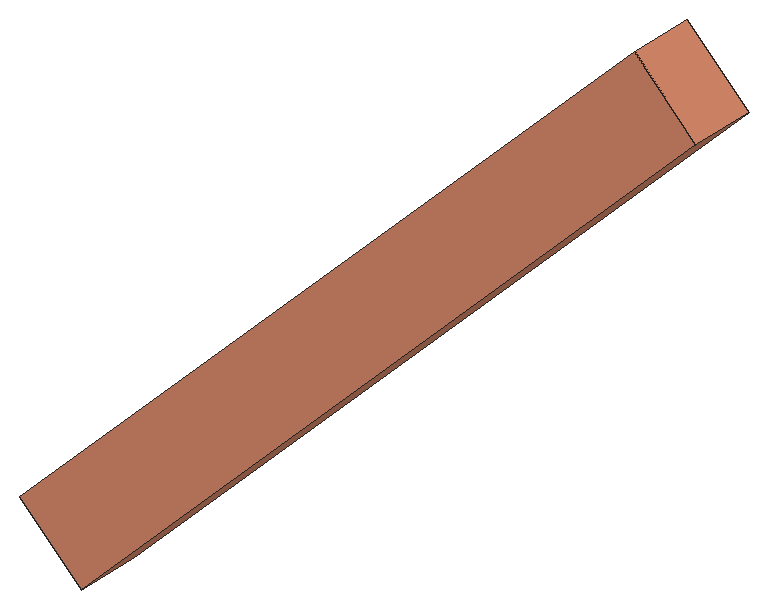
Revit family "盤サポート_不等辺山形鋼", category Generic Models, Revit 2023
Family settings
  Can host rebar = No
  Round Connector Dimension = Use Diameter
  Part Type = Normal
  Work Plane-Based = Yes
  Always vertical = No
  Cut with Voids When Loaded = No
  Maintain Annotation Orientation = No
  Shared = No
  Room Calculation Point = No
Parameters (values of type "L 100 x 75")
  高さ = 100 mm
  長辺 [instance] = 長さ  # 1000 mm
  長さ [instance] = 1000 mm
  部屋名 = ""
  角度 [instance] = 45.00°
  Default Elevation = 1219.2 mm
  構造マテリアル = E403_盤サポート
  幅 = 75 mm
Types (6, lengths in mm): name | 高さ | 幅
  L 100 x 75 | 100 | 75
  L 125 x 75 | 125 | 75
  L 125 x 90 | 125 | 90
  L 150 x 100 | 150 | 100
  L 150 x 90 | 150 | 90
  L 90 x 75 | 90 | 75
Reference planes
  plane 1 "中心(正面/背面)": y = 0
  plane 2: z = 0
  plane 3 "中心(左/右)": x = 0
Lines and regions (mm)
  reference lines
    curve 1: line (0, 0, 0) -> (848.528, 0, 848.528)
    curve 2: line (35.355, 0, -35.355) -> (-35.355, 0, 35.355)
    curve 3: line (742.462, 0, 671.751) -> (671.751, 0, 742.462)
Dimensions and locks
  equal spacing: curve 2, curve 1, curve 2
  "高さ": curve 2 to curve 2
  equal spacing: curve 3, curve 1, curve 3
  "高さ": curve 3 to curve 3
  "長さ": curve 2 to curve 3
  "角度": angle level to curve 1
  angle curve 2 to curve 1 = 90.00°
  angle curve 3 to curve 1 = 90.00°
  aligned and locked: level to plane 2
  aligned and locked: level to curve 1
  aligned and locked: plane 3 "中心(左/右)" to curve 1
  aligned and locked: curve 2 to nested 1
  aligned and locked: nested 1 to curve 1
Nested families
  nested 1: "グレーチング_不等辺山形鋼" at (-35.355, 0, 35.355) x (0, 1, 0) z (0.7071, 0, -0.7071), 長さ <- "長さ", type "L 90 x 75"
    with 長辺 1000 mm, 長さ 1000 mm, 高さ 100 mm
Definition of nested family "グレーチング_不等辺山形鋼"
  Parameters (values of type "L 125 x 75")
    高さ = 125 mm
    長辺 [instance] = 長さ  # 1000 mm
    長さ [instance] = 1000 mm
    部屋名 = ""
    Default Elevation = 1219.2 mm
    構造マテリアル = none
    幅 = 75 mm
  Types (6, lengths in mm): name | 高さ | 幅
    L 90 x 75 | 90 | 75
    L 100 x 75 | 100 | 75
    L 125 x 75 | 125 | 75
    L 125 x 90 | 125 | 90
    L 150 x 90 | 150 | 90
    L 150 x 100 | 150 | 100
  Reference planes
    plane 1 "中心(正面/背面)": y = 0
    plane 2: z = 0
    plane 3 "中心(左/右)": x = 0
    plane 4: z = 125
    plane 5: z = 62.5
  Forms (mm)
    Extrusion 1, solid, material <- "構造マテリアル"
      sketch origin (0, 0, 0) x (1, 0, 0) y (0, 1, 0)
        loop
          line (-37.5, 1000) -> (-37.5, 0) -> (37.5, 0) -> (37.5, 1000) -> (-37.5, 1000)
      from 0 to 125
  Lines and regions (mm)
    reference lines
      curve 1: line (37.5, 1000, 0) -> (-37.5, 1000, 0)
      curve 2: line (37.5, 0, 0) -> (-37.5, 0, 0)
  Dimensions and locks
    "長さ": curve 1 to curve 2
    "幅": Extrusion 1 to Extrusion 1
    equal spacing: Extrusion 1, plane 3 "中心(左/右)", Extrusion 1
    "幅": curve 1 to curve 1
    equal spacing: curve 1, plane 3 "中心(左/右)", curve 1
    "幅": curve 2 to curve 2
    equal spacing: curve 2, plane 3 "中心(左/右)", curve 2
    equal spacing: plane 4, plane 5, level
    "高さ": plane 4 to level
    aligned and locked: level to plane 2
    aligned and locked: Extrusion 1 to curve 2
    aligned and locked: curve 1 to Extrusion 1
    aligned and locked: plane 4 to Extrusion 1
  Automatic sketch dimensions
    Extrusion 1 sketch curve to plane 3 "中心(左/右)" = 37.5 mm
    plane 3 "中心(左/右)" to Extrusion 1 sketch curve = 37.5 mm
    plane 1 "中心(正面/背面)" to Extrusion 1 sketch curve = 0 mm
    Extrusion 1 sketch curve to plane 1 "中心(正面/背面)" = 1000 mm
    plane 1 "中心(正面/背面)" to curve 2 = 0 mm
